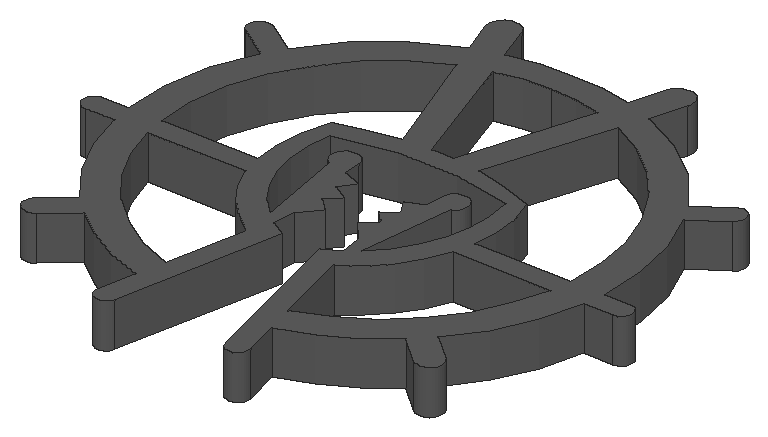
Revit family "101010010221804", category Generic Models, Revit 2018
Family settings
  Can host rebar = No
  Round Connector Dimension = Use Diameter
  Part Type = Normal
  Work Plane-Based = No
  Always vertical = No
  Cut with Voids When Loaded = No
  Shared = No
  Room Calculation Point = No
Parameters (values of type "SEPARADOR MOLDAJE RUEDA 25MM BOLSA 500UN")
  Ventajas = "Mantiene un mínimo contacto con el moldaje. Evitan que las barras se curven, desplacen ó se muevan durante el vaciado del hormigón."
  Uso = "Para distanciar una barra o malla, del encofrado, y placa de fenólico en muros, en trabajos verticales, y vigas de losa."
  Unidad = "Bolsa 500 Un."
  URL = "https://www.empresascnp.cl/"
  Num SKUs = "101010010221804"
  Nombre SKU = "SEPARADOR MOLDAJE RUEDA 25MM BOLSA 500UN"
  Model = "SEPARADOR MOLDAJE RUEDA"
  Material = PEAD
  Url Ficha tecnica = "https://empresascnp.cl/wp-content/uploads//pdf/ficha-tecnica-separador-moldaje-t-muela-bolsa-1-000un.pdf"
  Espesor = 0.00 mm
  Empresa = "CNP SPA."
  Dureza = ""
  Dimension = 25.00 mm
  Description = "Se usa para distanciar una barra o malla, del encofrado o fenólico."
  Contacto = "info@empresascnp.cl"
  Color = "Negro"
  Aplicacion = "Se insertan a modo de clip a presión en forma vertical, en elacero de refuerzo estructural (barras), más cercanas al encofrado ó fenólica. (4 Un. x m2 Aprox.)"
Reference planes
  plane 1 "Center F/B": y = 0
  plane 2: z = 0
  plane 3 "Center L/R": x = 0
  plane 4: z = 25
  plane 5: z = 12.5
  plane 6 "10": x = -12.5
  plane 7 "11": x = 12.5
  plane 8 "12": y = 12.5
  plane 9 "13": y = -12.5
Forms (mm)
  Extrusion 1, solid, material "PEAD" <- "Material"
    sketch origin (0, 0, 0) x (1, 0, 0) y (0, 1, 0)
      loop
        arc (-4.455, 2.499) -> (-3.13, 2.895) -> (-1.77, 3.138) r 12.137
        line (-1.77, 3.138) -> (-3.624, 8.522)
        arc (-3.624, 8.522) -> (-8.03, 4.632) -> (-9.245, -1.119) r 9.353
        line (-9.245, -1.119) -> (-4.917, -1.119)
        arc (-4.917, -1.119) -> (-4.957, 0.725) -> (-4.455, 2.499) r 6.219
      loop
        arc (-3.956, 1.763) -> (-0.005, 2.378) -> (3.949, 1.791) r 13.3
        arc (3.949, 1.791) -> (3.807, -1.352) -> (2.09, -3.987) r 5.977
        line (2.09, -3.987) -> (2.719, 0.226)
        arc (2.719, 0.226) -> (2.811, 1.244) -> (1.885, 0.81) r 0.589
        line (1.885, 0.81) -> (1.819, 0.015) -> (1.037, -0.301) -> (1.468, -0.992) -> (0.805, -1.406) -> (1.33, -1.989) -> (0.747, -2.514) -> (1.458, -3.381) -> (1.582, -4.391)
        arc (1.582, -4.391) -> (1.23, -4.624) -> (0.862, -4.83) r 5.977
        line (0.862, -4.83) -> (2.494, -12.189)
        arc (2.494, -12.189) -> (3.078, -12.56) -> (3.449, -11.977) r 0.489
        line (3.449, -11.977) -> (3.073, -10.281)
        arc (3.073, -10.281) -> (5.306, -9.371) -> (7.275, -7.979) r 10.572
        line (7.275, -7.979) -> (8.515, -9.063)
        arc (8.515, -9.063) -> (9.316, -9.009) -> (9.262, -8.208) r 0.568
        line (9.262, -8.208) -> (8.081, -7.176)
        arc (8.081, -7.176) -> (9.694, -4.804) -> (10.611, -2.085) r 10.572
        line (10.611, -2.085) -> (11.906, -2.085)
        arc (11.906, -2.085) -> (12.389, -1.602) -> (11.906, -1.119) r 0.483
        line (11.906, -1.119) -> (10.749, -1.119)
        arc (10.749, -1.119) -> (10.597, 1.955) -> (9.566, 4.855) r 10.572
        line (9.566, 4.855) -> (10.999, 5.802)
        arc (10.999, 5.802) -> (11.142, 6.505) -> (10.439, 6.649) r 0.507
        line (10.439, 6.649) -> (9.047, 5.729)
        arc (9.047, 5.729) -> (6.861, 8.132) -> (4.049, 9.758) r 10.572
        line (4.049, 9.758) -> (4.585, 11.313)
        arc (4.585, 11.313) -> (4.142, 12.183) -> (3.272, 11.74) r 0.69
        line (3.272, 11.74) -> (2.76, 10.165)
        arc (2.76, 10.165) -> (1.39, 10.409) -> (0, 10.471) r 10.572
        arc (0, 10.471) -> (-1.39, 10.409) -> (-2.76, 10.165) r 10.572
        line (-2.76, 10.165) -> (-3.272, 11.74)
        arc (-3.272, 11.74) -> (-4.142, 12.183) -> (-4.585, 11.313) r 0.69
        line (-4.585, 11.313) -> (-4.049, 9.758)
        arc (-4.049, 9.758) -> (-6.861, 8.132) -> (-9.047, 5.729) r 10.572
        line (-9.047, 5.729) -> (-10.439, 6.649)
        arc (-10.439, 6.649) -> (-11.142, 6.505) -> (-10.999, 5.802) r 0.507
        line (-10.999, 5.802) -> (-9.566, 4.855)
        arc (-9.566, 4.855) -> (-10.597, 1.955) -> (-10.749, -1.119) r 10.572
        line (-10.749, -1.119) -> (-11.906, -1.119)
        arc (-11.906, -1.119) -> (-12.389, -1.602) -> (-11.906, -2.085) r 0.483
        line (-11.906, -2.085) -> (-10.611, -2.085)
        arc (-10.611, -2.085) -> (-9.694, -4.804) -> (-8.081, -7.176) r 10.572
        line (-8.081, -7.176) -> (-9.262, -8.208)
        arc (-9.262, -8.208) -> (-9.316, -9.009) -> (-8.515, -9.063) r 0.568
        line (-8.515, -9.063) -> (-7.275, -7.979)
        arc (-7.275, -7.979) -> (-5.306, -9.371) -> (-3.073, -10.281) r 10.572
        line (-3.073, -10.281) -> (-3.449, -11.977)
        arc (-3.449, -11.977) -> (-3.078, -12.56) -> (-2.494, -12.189) r 0.489
        line (-2.494, -12.189) -> (-0.862, -4.83)
        arc (-0.862, -4.83) -> (-1.23, -4.624) -> (-1.582, -4.391) r 5.977
        line (-1.582, -4.391) -> (-1.458, -3.381) -> (-0.747, -2.514) -> (-1.33, -1.989) -> (-0.805, -1.406) -> (-1.468, -0.992) -> (-1.037, -0.301) -> (-1.819, 0.015) -> (-1.885, 0.81)
        arc (-1.885, 0.81) -> (-2.811, 1.244) -> (-2.719, 0.226) r 0.589
        line (-2.719, 0.226) -> (-2.09, -3.987)
        arc (-2.09, -3.987) -> (-3.803, -1.365) -> (-3.956, 1.763) r 5.977
      loop
        arc (0, 9.274) -> (-1.194, 9.191) -> (-2.367, 8.956) r 9.353
        line (-2.367, 8.956) -> (-0.505, 3.224)
        arc (-0.505, 3.224) -> (-0.004, 3.221) -> (0.496, 3.198) r 12.137
        line (0.496, 3.198) -> (2.367, 8.956)
        arc (2.367, 8.956) -> (1.194, 9.191) -> (0, 9.274) r 9.353
      loop
        line (4.917, -1.119) -> (9.245, -1.119)
        arc (9.245, -1.119) -> (8.03, 4.632) -> (3.624, 8.522) r 9.353
        line (3.624, 8.522) -> (1.739, 3.05)
        arc (1.739, 3.05) -> (3.188, 2.708) -> (4.584, 2.191) r 12.137
        arc (4.584, 2.191) -> (4.976, 0.559) -> (4.917, -1.119) r 6.219
      loop
        line (1.967, -5.408) -> (2.764, -8.999)
        arc (2.764, -8.999) -> (6.853, -6.39) -> (9.085, -2.085) r 9.353
        line (9.085, -2.085) -> (4.669, -2.085)
        arc (4.669, -2.085) -> (3.613, -3.987) -> (1.967, -5.408) r 6.219
      loop
        arc (-1.967, -5.408) -> (-3.613, -3.987) -> (-4.669, -2.085) r 6.219
        line (-4.669, -2.085) -> (-9.085, -2.085)
        arc (-9.085, -2.085) -> (-6.853, -6.39) -> (-2.764, -8.999) r 9.353
        line (-2.764, -8.999) -> (-1.967, -5.408)
    from 0 to 2
